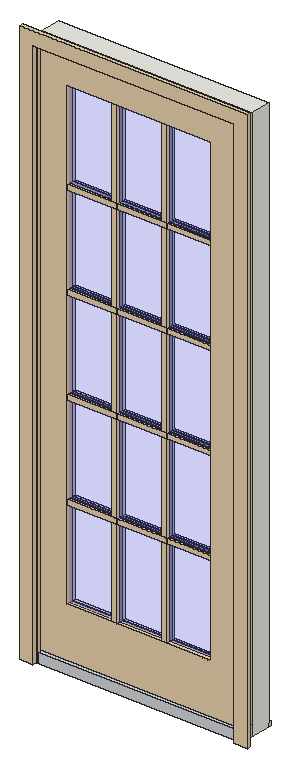
Revit family "Door-Inswing-Andersen-A_Series-Single 3", category Doors, host Wall, Revit 2013
Parameters
  Visual Light Transmittance = 0.37  # constant formula
  Type Comments = "Fiberglass-clad and Flexacron finished wood single door"  # constant formula
  Thermal Resistance (R) = 0.58703  # 3.3333 (h·ft²·°F)/BTU
  Solar Heat Gain Coefficient = 0.16  # constant formula
  Rough Width = Width + (Rough Opening Offset * 2)  # 3' - 0.781"
  Rough Height = if(1 > 0, Height + 0' 0 1/2", 0' 0")  # 8' - 0 1/2"
  Learn About These Parameters = ""
  Heat Transfer Coefficient (U) = 1.7035  # 0.3000 BTU/(h·ft²·°F)
  Grille Bar Sizes = "3/4'', 7/8'', 1 1/8'', 2 1/4''"  # constant formula
  Between Glass Grille Bar Sizes = "3/4'', 1''"  # constant formula
  Interior Trim Visibility = yes
  Grille Bar Size = 0' - 0 7/8"
  Enter Pattern Number = 1
  Analytic Construction = "<None>"
  ..Pattern Number 1 = "Colonial"  # constant formula
  . . Lights Wide = 3
  . . Lights High = 5
  ..Pattern Number 2 = "Modified Colonial"  # constant formula
  ..Pattern Number 3 = "Prairie"  # constant formula
  ..Pattern Number 4 = "Short Fractional"  # constant formula
  ..Pattern Number 5 = "Tall Fractional"  # constant formula
  Extension Jamb Visibility = yes
  Enter Exterior Trim Number = 0
  ..Exterior Trim Number 0 = "No Exterior Trim"  # constant formula
  ..Exterior Trim Number 1 = "Brick Mould"  # constant formula
  ..Exterior Trim Number 2 = "3 1/2'' Flat Casing"  # constant formula
  ..Exterior Trim Number 3 = "4 1/2'' Flat Casing"  # constant formula
  Interior Grille Bar Visibility = yes
  Exterior Grille Bar Visibility = yes
  Between Glass Grille Bar Visibility = yes
  xjamb Visibility [instance] = and(Extension Jamb Visibility, or(and(Wall Depth > 0' 4 9/16", Wall Depth < 0' 6 9/16"), Wall Depth > 0' 6 9/16"))  # no
  xjamb S1 [instance] = if(Wall Depth < 0' 4 5/8", 0' 0 1/16", if(Wall Depth = 0' 6 9/16", 0' 0 1/16", 0' 0"))  # 0' - 0 1/16"
  casingS2 = if(Enter Exterior Trim Number = 1, 0' 0 3/16", 0' 0 3/16")  # 0' - 0 3/16"
  casingS1 = if(Enter Exterior Trim Number = 1, 0' 0 7/16", 0' 0 3/16")  # 0' - 0 3/16"
  casing4 = if(Enter Exterior Trim Number = 1, 0' 1 3/4", if(Enter Exterior Trim Number = 2, 0' 3 1/4", 0' 4 1/4"))  # 0' - 4 1/4"
  casing3 = 0' - 0 1/2"  # constant formula
  casing2 = 0' - 0 7/8"  # constant formula
  casing1 = 0' - 0 1/4"  # constant formula
  Wall Thickness [instance] = 0' - 8"
  Wall Depth [instance] = 0' - 4 9/16"
  Void Offset 1 [instance] = if(Enter Exterior Trim Number > 0, casing4, 0' 0")  # 0' - 0"
  Void Depth [instance] = if(Wall Thickness > Wall Depth, 0' 1" + Wall Thickness - Wall Depth, 0' 1")  # 0' - 4 7/16"
  VGB DLO = if(Enter Pattern Number = 3, 0' 4", (H DLO - (Grille Bar Size * (V Bars))) / if(LWide > 2, LWide, 3))  # 0' - 7.677"
  V Bars = if(Enter Pattern Number = 3, 2, if(LWide > 2, LWide - 1, 2))  # 2
  URL = "www.andersenwindows.com"
  TS V DLO = Height - HGO - SGO  # 6' - 7 7/8"
  TS V Bar Length = if(or(Enter Pattern Number = 5, Enter Pattern Number = 2), ((((Height - HGO - SGO - (Grille Bar Size * (Fractional Lights High - 1))) / Fractional Lights High)) * TFL) + (TFB * Grille Bar Size), if(Enter Pattern Number = 4, ((Height - HGO - SGO - (Grille Bar Size * (Fractional Lights High - 1))) / Fractional Lights High), Height - HGO - SGO))  # 6' - 7 7/8"
  TS SH DLO = if(or(Enter Pattern Number = 5, Enter Pattern Number = 2), ((((Height - HGO - SGO - (Grille Bar Size * (Fractional Lights High - 1))) / Fractional Lights High)) * TFL) + (TFB * Grille Bar Size) + HGO + (Grille Bar Size / 2), if(Enter Pattern Number = 4, TS V Bar Length + HGO + (Grille Bar Size / 2), (TS V DLO / 2) + HGO))  # 3' - 9 9/16"
  TS S V = or(and(LWide = 2, Enter Pattern Number = 1), and(Fractional Lights Wide = 2, or(or(Enter Pattern Number = 2, Enter Pattern Number = 4), Enter Pattern Number = 5)))  # no
  TS S H Craftsman = and(Enter Pattern Number = 2, or(Fractional Lights High = 4, Fractional Lights High = 5))  # no
  TS S H = or(or(or(and(. . Lights High = 2, Enter Pattern Number = 1), and(Enter Pattern Number = 4, Fractional Lights High > 1)), and(Enter Pattern Number = 5, Fractional Lights High > 1)), and(Enter Pattern Number = 2, Fractional Lights High > 1))  # no
  TS M V = or(or(or(or(or(and(LWide > 2, Enter Pattern Number = 1), and(LWide > 2, Enter Pattern Number = 2)), Enter Pattern Number = 3), Enter Pattern Number = 4), Enter Pattern Number = 5), and(LWide > 2, Enter Pattern Number = 6))  # yes
  TS M H = or(or(Enter Pattern Number = 3, and(. . Lights High > 2, Enter Pattern Number = 1)), and(Enter Pattern Number = 2, Fractional Lights High > 5))  # yes
  TS HGB DLO = if(Enter Pattern Number = 1, if(. . Lights High > 2, ((TS V Bar Length - (Grille Bar Size * (. . Lights High - 1))) / . . Lights High), 0' 4"), if(Enter Pattern Number = 3, 0' 4", if(Fractional Lights High > 2, ((TS V Bar Length - (Grille Bar Size * 2)) / 3), 0' 4")))  # 1' - 3.275"
  TS H Bars = if(Enter Pattern Number = 3, 2, if(Enter Pattern Number = 1, if(. . Lights High > 2, . . Lights High - 1, 2), 2))  # 4
  TFL = if(Fractional Lights High > 5, 3, if(or(Fractional Lights High = 4, Fractional Lights High = 5), 2, if(or(Fractional Lights High = 2, Fractional Lights High = 3), 1, 1)))  # 3
  TFB = TFL - 1  # 2
  Sill Interior Offset [instance] = 0' - 0"  # constant formula
  Sill Height [instance] = 0' - 1 11/16"  # constant formula
  Rough Opening Offset = 0' - 0 3/8"
  Panel Bottom Inset [instance] = 0' - 1 7/8"  # constant formula
  Sill Depth [instance] = 0' - 6 7/32"  # constant formula
  SGO = 0' - 10 1/2"  # constant formula
  Product Documentation Link = "http://www.andersenwindows.com/products/a-series-hinged-patio-door/"
  Panel Width = Width - 0' 1 3/16" - 0' 1 3/16"  # 2' - 9.656"
  Panel Height [instance] = CTRL Height - 0' 1 3/16" - Panel Bottom Inset  # 7' - 8 15/16"
  Nail Fin Visibility = Enter Exterior Trim Number = 0  # yes
  Model = "A-Series"  # constant formula
  Masonry Width = if(Enter Exterior Trim Number > 0, Width + ((casing4 + Masonry Opening Offset) * 2), Width + (Masonry Opening Offset * 2))  # 3' - 0.781"
  Masonry Opening Offset = 0' - 0 3/8"
  Masonry Height = if(Enter Exterior Trim Number > 0, Height + (casing4 + 0' 0 1/2"), Height + 0' 0 1/2")  # 8' - 0 1/2"
  Manufacturer = "Andersen Corporation"  # constant formula
  LWide = if(Enter Pattern Number = 3, 3, if(Enter Pattern Number = 1, . . Lights Wide, Fractional Lights Wide))  # 3
  JGO = 0' - 5 5/8"  # constant formula
  Is Outswing = 1 = 1  # yes
  Interior Unit Finish = Wood - Andersen - Pine
  Interior Trim Size = 0' - 2 1/4"
  HGO = 0' - 5 5/8"  # constant formula
  H DLO = Width - (JGO * 2)  # 2' - 0.781"
  Glazing Material = Glass ‐ Andersen - Low-E4 SmartSun
  Function = Exterior
  Height = 8' - 0"
  Wall Closure = By host
  Width = 3' - 0.031"
  Frame Interior Inset [instance] = 0' - 0"  # constant formula
  Frame Depth [instance] = if(Wall Depth > 0' 6 1/2", 0' 7 7/8", 0' 5 7/8")  # 0' - 5 7/8"
  Fractional Lights Wide = 4
  Fractional Lights High = 6
  Family Version = "01.01.15"  # constant formula
  Exterior Unit Finish = Fiberglass - Andersen - White
  Exterior Trim Finish = Fibrex Composite - Andersen - White
  Designation = "FWHID"
  Description = "Fiberglass-clad and Flexacron finished wood single door"  # constant formula
  Coarse Plan [instance] = if(Wall Depth > Wall Thickness, Wall Thickness, Wall Depth)  # 0' - 4 9/16"
  Casing Visibility [instance] = Enter Exterior Trim Number > 0  # no
  CTRL Height [instance] = Height  # 8' - 0"
  Between Glass Grille Bar Finish = Stainless Steel - Andersen - Standard
  BS V DLO = Height - HGO - SGO  # 6' - 7 7/8"
  BS SH DLO = if(Enter Pattern Number = 5, SGO + 0' 4" + (Grille Bar Size / 2), (BS V DLO / 2) + SGO)  # 4' - 2 7/16"
  BS S V = and(LWide = 2, Enter Pattern Number = 1)  # no
  BS M V = or(or(and(LWide > 2, Enter Pattern Number = 1), Enter Pattern Number = 3), Enter Pattern Number = 5)  # yes
  Assembly Code = "B2030100"
Reference planes (in)
  plane 1 "Center (Front/Back)": y = 0
  plane 2 "Center (Left/Right)": x = 0
  plane 3 "R Frame": x = -18.0155
  plane 4 "L Frame": x = 18.0155
  plane 5 "T Frame": z = 96
  plane 6 "Wall S1": y = 4
  plane 7 "Wall S2": y = -4
  plane 8 "Interior Casing": y = -4.625
  plane 9 "Frame S2": y = -4
  plane 10 "Flange": y = 0.5625
  plane 11 "Casing S2": y = 2.0625
  plane 12 "Casing S1": y = 2.0625
  plane 13 "Exterior Offset": y = 5
  plane 14 "R Rough Opening": x = -18.3905
  plane 15 "R Casing 1": x = -17.7655
  plane 16 "R Casing 2": x = -21.3905
  plane 17 "R Casing 3": x = -21.7655
  plane 18 "R Casing 4": x = -22.2655
  plane 19 "R Masonry Opening": x = -18.3905
  plane 20 "L Masonry Opening": x = 18.3905
  plane 21 "L Casing 4": x = 22.2655
  plane 22 "L Casing 3": x = 21.7655
  plane 23 "L Casing 2": x = 21.3905
  plane 24 "L Casing 1": x = 17.7655
  plane 25 "L Rough Opening": x = 18.3905
  plane 26 "T Rough Opening": z = 96.5
  plane 27 "T Casing 1": z = 95.75
  plane 28 "T Casing 2": z = 99.375
  plane 29 "T Casing 3": z = 99.75
  plane 30 "T Casing 4": z = 100.25
  plane 31 "T Masonry Opening": z = 96.5
  plane 32 "R Int Casing": x = -19.5155
  plane 33 "R Xjamb 2": x = -17.8905
  plane 34 "R Ext Frame": x = -17.2655
  plane 35 "L Int Casing": x = 19.5155
  plane 36 "L Xjamb 2": x = 17.8905
  plane 37 "L Ext Frame": x = 17.2655
  plane 38 "T Int Casing": z = 97.5
  plane 39 "T Xjamb 2": z = 95.875
  plane 40 "T Ext Frame": z = 95.25
  plane 41 "L Panel": x = 16.828
  plane 42 "R Panel": x = -16.828
  plane 43 "T Panel": z = 94.8125
  plane 44 "B Panel": z = 1.875
  plane 45 "B Glazing": z = 10.5
  plane 46 "T Glazing": z = 90.375
  plane 47 "L Glazing": x = 12.3905
  plane 48 "R Glazing": x = -12.3905
  plane 49 "Panel1 S1": y = -1.81238
  plane 50 "Panel1 S2": y = -3.53138
  plane 51 "Xjamb S1": y = -3.9375
  plane 52 "Frame S1": y = 1.875
  plane 53 "L Stop": x = 15.91071
  plane 54 "R Stop": x = -15.91071
  plane 55 "T Stop": z = 93.90223
  plane 56 "Sill Height": z = 1.6875
  plane 57 "Glass1 S1": y = -2.22528
  plane 58 "Glass1 S3": y = -2.86638
  plane 59 "Glass1 S2": y = -2.35028
  plane 60 "Glass1 S4": y = -2.99138
  plane 61 "Vert Bar length": z = 10.5
  plane 62 "L Xjamb 1": x = 17.2655
  plane 63 "R Xjamb S1": x = -17.2655
  plane 64 "T Xjamb S1": z = 95.25
  plane 65 "R Int Frame": x = -16.98425
  plane 66 "L Int Frame": x = 16.98425
  plane 67 "Frame S1.1": y = 0.6795
  plane 68 "Int Stop": y = -3.80858
  plane 69 "T Int Frame": z = 94.96875
  plane 70 "B Ext Frame": z = 0.748
  plane 71 "B Stop": z = 2.45642
  plane 72 "Sill S1": y = 2.205
  plane 73 "Handing": z = 48.34375
  plane 74 "R Ext Frame 2": x = -16.7655
  plane 75 "Stop S1": y = -1.1565
  plane 76 "L Ext Frame 2": x = 16.7655
  plane 77 "T Ext Frame 2": z = 94.75
Forms (in)
  Extrusion 1, void
    sketch origin (0, 0, 0) x (1, 0, 0) y (0, 0, 1)
      loop
        line (18.0155, 96) -> (-18.0155, 96) -> (-18.0155, 0) -> (18.0155, 0) -> (18.0155, 96)
    from -0.5625 to 4
  Extrusion 2, void
    sketch origin (0, 0, 0) x (1, 0, 0) y (0, 0, 1)
      loop
        line (18.0155, 96) -> (-18.0155, 96) -> (-18.0155, 0) -> (18.0155, 0) -> (18.0155, 96)
    from -30 to -0.5625
  Sweep 3, solid, material "Fibrex Composite - Andersen - White" <- "Exterior Trim Finish", visible <- "Casing Visibility", detail levels medium+fine
    path origin (0, 0.5625, 0) x (-1, 0, 0) y (0, 0, 1)
      loop
        line (-22.2655, 0) -> (-22.2655, 100.25) -> (22.2655, 100.25) -> (22.2655, 0)
    profile origin (22.2655, 0.5625, 50.125) x (1, 0, 0) y (0, 1, 0)
      loop
        line (-0.875, 1.5) -> (-4.5, 1.5) -> (-4.5, 0) -> (0, 0) -> (0, 1.5) -> (-0.5, 1.5) -> (-0.875, 1.5)
  Extrusion 4, solid, material "Fibrex Composite - Andersen - White" <- "Exterior Trim Finish", visible <- "Casing Visibility", detail levels coarse
    sketch origin (0, 0.5625, 0) x (-1, 0, 0) y (0, 0, 1)
      loop
        line (-17.7655, 95.75) -> (17.7655, 95.75) -> (17.7655, 0) -> (22.2655, 0) -> (22.2655, 100.25) -> (-22.2655, 100.25) -> (-22.2655, 0) -> (-17.7655, 0) -> (-17.7655, 95.75)
    from 0 to 1.4375
  Extrusion 5, solid, material "Wood - Andersen - Pine" <- "Interior Unit Finish", visible <- "Interior Trim Visibility", detail levels fine
    sketch origin (0, 0, 0) x (1, 0, 0) y (0, 0, 1)
      loop
        line (-17.2655, 95.25) -> (17.2655, 95.25) -> (17.2655, 0) -> (19.5155, 0) -> (19.5155, 97.5) -> (-19.5155, 97.5) -> (-19.5155, 0) -> (-17.2655, 0) -> (-17.2655, 95.25)
    from 4 to 4.625
  Extrusion 6, solid, material "Wood - Andersen - Pine" <- "Interior Unit Finish", visible <- "xjamb Visibility", detail levels medium+fine
    sketch origin (0, 0, 0) x (1, 0, 0) y (0, 0, 1)
      loop
        line (-17.8905, 0) -> (-17.2655, 0) -> (-17.2655, 95.25) -> (17.2655, 95.25) -> (17.2655, 0) -> (17.8905, 0) -> (17.8905, 95.875) -> (-17.8905, 95.875) -> (-17.8905, 0)
    from 3.9375 to 4
  Sweep 7, void
    path origin (4.25, 0.5625, 0) x (-1, 0, 0) y (0, 0, 1)
      loop
        line (4.25, 0) -> (4.25, 10.5)
    profile origin (0, 0.5625, 5.25) x (1, 0, 0) y (0, 1, 0)
      loop
        line (18.0155, -2.37488) -> (18.0155, 1.3125) -> (17.2655, 1.3125) -> (17.2655, 0.117) -> (16.7655, 0.117) -> (16.7655, -1.719) -> (15.91071, -1.719) -> (15.91071, -2.37488) -> (18.0155, -2.37488)
      loop
        line (-18.0155, -2.37488) -> (-15.91071, -2.37488) -> (-15.91071, -1.719) -> (-16.7655, -1.719) -> (-16.7655, 0.117) -> (-17.2655, 0.117) -> (-17.2655, 1.3125) -> (-18.0155, 1.3125) -> (-18.0155, -2.37488)
  Sweep 8, solid, material "Fiberglass - Andersen - White" <- "Exterior Unit Finish", detail levels medium+fine
    path in 3D
      loop
        line (18.0155, 0.5625, 0) -> (18.0155, 0.5625, 96) -> (-18.0155, 0.5625, 96) -> (-18.0155, 0.5625, 0)
    profile origin (18.0155, 0.5625, 48) x (1, 0, 0) y (0, 1, 0)
      loop
        line (0, 1.3125) -> (-0.75, 1.3125) -> (-0.75, 0.117) -> (-1.25, 0.117) -> (-1.25, -1.719) -> (-2.10479, -1.719) -> (-2.10479, -2.37488) -> (0, -2.37488) -> (0, 1.3125)
  Sweep 9, solid, material "Wood - Andersen - Pine" <- "Interior Unit Finish"
    path in 3D
      loop
        line (18.0155, 0.5625, 0) -> (18.0155, 0.5625, 96) -> (-18.0155, 0.5625, 96) -> (-18.0155, 0.5625, 0)
    profile origin (18.0155, 0.5625, 48) x (1, 0, 0) y (0, 1, 0)
      loop
        line (0, -2.37488) -> (-1.03125, -2.37488) -> (-1.03125, -4.5625) -> (0, -4.5625) -> (0, -2.37488)
  Extrusion 10, solid, material "Fiberglass - Andersen - White" <- "Exterior Unit Finish"
    sketch origin (0, 0.5625, 0) x (-1, 0, 0) y (0, 0, 1)
      loop
        line (-16.828, 94.8125) -> (-16.828, 1.875) -> (16.828, 1.875) -> (16.828, 94.8125) -> (-16.828, 94.8125)
      loop
        line (-12.3905, 90.375) -> (-12.3905, 10.5) -> (12.3905, 10.5) -> (12.3905, 90.375) -> (-12.3905, 90.375)
    from -2.78778 to -2.37488
  Extrusion 11, solid, material "Wood - Andersen - Pine" <- "Interior Unit Finish"
    sketch origin (0, 0.5625, 0) x (-1, 0, 0) y (0, 0, 1)
      loop
        line (-16.828, 94.8125) -> (-16.828, 1.875) -> (16.828, 1.875) -> (16.828, 94.8125) -> (-16.828, 94.8125)
      loop
        line (-12.3905, 90.375) -> (-12.3905, 10.5) -> (12.3905, 10.5) -> (12.3905, 90.375) -> (-12.3905, 90.375)
    from -4.09388 to -2.78778
  Extrusion 12, solid, material "Glass ‐ Andersen - Low-E4 SmartSun" <- "Glazing Material"
    sketch origin (0, 0.5625, 0) x (-1, 0, 0) y (0, 0, 1)
      loop
        line (-12.3905, 90.375) -> (-12.3905, 10.5) -> (12.3905, 10.5) -> (12.3905, 90.375) -> (-12.3905, 90.375)
    from -3.55388 to -2.78778
  Extrusion 13, solid, detail levels coarse
    sketch origin (0, 0, 0) x (0, 1, 0) y (0, 0, 1)
      loop
        line (1.875, 1.875) -> (-2.22528, 1.875) -> (-2.22528, 0) -> (1.875, 0) -> (1.875, 1.875)
    from -18.0155 to 18.0155
  Extrusion 14, solid, detail levels medium+fine
    sketch origin (0, 0, 0) x (0, 1, 0) y (0, 0, 1)
      loop
        line (2.205, 0.748) -> (0.6795, 0.748) -> (0.6795, 1.6875) -> (-1.81238, 1.6875) -> (-1.81238, 1.875) -> (-2.22528, 1.875) -> (-2.22528, 0) -> (2.205, 0) -> (2.205, 0.748)
    from -18.0155 to 18.0155
  Extrusion 15, solid
    sketch origin (0, 0, 0) x (0, 1, 0) y (0, 0, 1)
      loop
        line (-2.22528, 1.6875) -> (-4, 1.6875) -> (-4, 0) -> (-2.22528, 0) -> (-2.22528, 1.6875)
    from -18.0155 to 18.0155
  Extrusion 16, solid, material "Fiberglass - Andersen - White" <- "Exterior Unit Finish", detail levels coarse
    sketch origin (0, 0.5625, 0) x (-1, 0, 0) y (0, 0, 1)
      loop
        line (-18.0155, 96) -> (-18.0155, 1.875) -> (-15.91071, 1.875) -> (-15.91071, 93.90223) -> (15.91071, 93.90223) -> (15.91071, 1.875) -> (18.0155, 1.875) -> (18.0155, 96) -> (-18.0155, 96)
    from -2.37488 to 1.3125
Cuts and joins
  Sweep 7 cuts Extrusion 14
Lines and regions (in)
  Masking region 1, visible <- "Casing Visibility"
    outline origin (0, 0, 0) x (0, 1, 0) y (0, 0, 1)
      loop
        line (0.5625, 96) -> (1.875, 96) -> (1.875, 0) -> (2.0625, 0) -> (2.0625, 100.25) -> (0.5625, 100.25) -> (0.5625, 96)
  Masking region 2
    outline origin (0, 0, 0) x (0, 1, 0) y (0, 0, 1)
      loop
        line (1.875, 96) -> (-4, 96) -> (-4, 0) -> (2.205, 0) -> (2.205, 0.748) -> (1.875, 0.748) -> (1.875, 96)
  Masking region 3, visible <- "Casing Visibility", detail levels fine
    outline origin (0, 0, 0) x (1, 0, 0) y (0, 1, 0)
      loop
        line (-21.7655, 2.0625) -> (-22.2655, 2.0625) -> (-22.2655, 0.5625) -> (-18.0155, 0.5625) -> (-18.0155, 1.875) -> (-17.7655, 1.875) -> (-17.7655, 2.0625) -> (-21.3905, 2.0625) -> (-21.7655, 2.0625)
  Masking region 4, visible <- "Casing Visibility", detail levels fine
    outline origin (0, 0, 0) x (1, 0, 0) y (0, 1, 0)
      loop
        line (21.7655, 2.0625) -> (21.3905, 2.0625) -> (17.7655, 2.0625) -> (17.7655, 1.875) -> (18.0155, 1.875) -> (18.0155, 0.5625) -> (22.2655, 0.5625) -> (22.2655, 2.0625) -> (21.7655, 2.0625)
  Masking region 5, visible <- "Casing Visibility", detail levels coarse+medium
    outline origin (0, 0, 0) x (1, 0, 0) y (0, 1, 0)
      loop
        line (-22.2655, 2.0625) -> (-22.2655, 0.5625) -> (-18.0155, 0.5625) -> (-18.0155, 2.0625) -> (-22.2655, 2.0625)
  Masking region 6, visible <- "Casing Visibility", detail levels coarse+medium
    outline origin (0, 0, 0) x (1, 0, 0) y (0, 1, 0)
      loop
        line (18.0155, 2.0625) -> (18.0155, 0.5625) -> (22.2655, 0.5625) -> (22.2655, 2.0625) -> (18.0155, 2.0625)
  Masking region 7, visible <- "Casing Visibility"
    outline origin (0, 2.625, 0) x (-1, 0, 0) y (0, 0, 1)
      loop
        line (-22.2655, 100.25) -> (-22.2655, 0) -> (-18.0155, 0) -> (-18.0155, 96) -> (18.0155, 96) -> (18.0155, 0) -> (22.2655, 0) -> (22.2655, 100.25) -> (-22.2655, 100.25)
  Masking region 8, visible <- "Interior Trim Visibility", detail levels fine
    outline origin (0, -4.625, 0) x (-1, 0, 0) y (0, 0, 1)
      loop
        line (-19.5155, 97.5) -> (-19.5155, 0) -> (-17.2655, 0) -> (-17.2655, 95.25) -> (17.2655, 95.25) -> (17.2655, 0) -> (19.5155, 0) -> (19.5155, 97.5) -> (-19.5155, 97.5)
  Masking region 9
    outline origin (0, 0.6795, 0) x (-1, 0, 0) y (0, 0, 1)
      loop
        line (-18.0155, 96) -> (-18.0155, 0) -> (18.0155, 0) -> (18.0155, 96) -> (-18.0155, 96)
      loop
        line (-16.828, 94.8125) -> (-16.828, 1.875) -> (16.828, 1.875) -> (16.828, 94.8125) -> (-16.828, 94.8125)
  Masking region 10, not visible
    outline origin (0, 0.5625, 0) x (-1, 0, 0) y (0, 0, 1)
      loop
        line (-16.828, 94.8125) -> (-16.828, 1.875) -> (16.828, 1.875) -> (16.828, 94.8125) -> (-16.828, 94.8125)
  Masking region 11, visible <- "Interior Trim Visibility", detail levels fine
    outline origin (0, 0, 0) x (1, 0, 0) y (0, 1, 0)
      loop
        line (-19.5155, -4) -> (-19.5155, -4.625) -> (-17.2655, -4.625) -> (-17.2655, -4) -> (-19.5155, -4)
  Masking region 12, visible <- "xjamb Visibility", detail levels medium+fine
    outline origin (0, 0, 0) x (1, 0, 0) y (0, 1, 0)
      loop
        line (-17.8905, -3.9375) -> (-17.8905, -4) -> (-17.2655, -4) -> (-17.2655, -3.9375) -> (-17.8905, -3.9375)
  Masking region 13, visible <- "Interior Trim Visibility", detail levels fine
    outline origin (0, 0, 0) x (1, 0, 0) y (0, 1, 0)
      loop
        line (17.2655, -4) -> (17.2655, -4.625) -> (19.5155, -4.625) -> (19.5155, -4) -> (17.2655, -4)
  Masking region 14, visible <- "xjamb Visibility", detail levels medium+fine
    outline origin (0, 0, 0) x (1, 0, 0) y (0, 1, 0)
      loop
        line (17.2655, -3.9375) -> (17.2655, -4) -> (17.8905, -4) -> (17.8905, -3.9375) -> (17.2655, -3.9375)
  Masking region 15, visible <- "xjamb Visibility", detail levels medium+fine
    outline origin (0, 0, 0) x (0, 1, 0) y (0, 0, 1)
      loop
        line (-3.9375, 95.875) -> (-4, 95.875) -> (-4, 0) -> (-3.9375, 0) -> (-3.9375, 95.875)
  Masking region 16, visible <- "Interior Trim Visibility", detail levels fine
    outline origin (0, 0, 0) x (0, 1, 0) y (0, 0, 1)
      loop
        line (-4, 97.5) -> (-4.625, 97.5) -> (-4.625, 0) -> (-4, 0) -> (-4, 97.5)
  Masking region 17
    outline origin (0, 0, 0) x (1, 0, 0) y (0, 1, 0)
      loop
        line (-18.0155, 1.875) -> (-18.0155, -4) -> (18.0155, -4) -> (18.0155, 1.875) -> (-18.0155, 1.875)
  symbolic lines, style "DoorsFrameMullionProjection", visible <- "Casing Visibility", detail levels medium+fine
    curve 1: line (0, 2.0625, 99.75) -> (0, 2.0625, 99.375)
    curve 2: line (0, 2.0625, 99.375) -> (0, 2.0625, 95.75)
    curve 3: line (0, 2.0625, 95.75) -> (0, 1.875, 95.75)
  symbolic lines, style "DoorsFrameMullionProjection", detail levels coarse
    curve 4: line (0, 1.875, 96) -> (0, 2.0625, 96)
    curve 68: line (-16.98425, 1.875, 0) -> (-16.98425, -4, 0)
    curve 69: line (16.98425, 1.875, 0) -> (16.98425, -4, 0)
  symbolic lines, style "DoorsFrameMullionProjection", visible <- "Nail Fin Visibility", detail levels medium+fine
    curve 5: line (19.6405, 0.5625, 0) -> (18.0155, 0.5625, 0)
    curve 6: line (0, 0.5625, 96.34025) -> (0, 0.5625, 96)
  symbolic lines, style "DoorsGlassProjection", detail levels fine
    curve 7: line (0, -2.86638, 10.5) -> (0, -2.86638, 90.375)
    curve 8: line (0, -2.35028, 10.5) -> (0, -2.35028, 90.375)
    curve 11: line (12.3905, -2.35028, 0) -> (-12.3905, -2.35028, 0)
    curve 12: line (12.3905, -2.86638, 0) -> (-12.3905, -2.86638, 0)
    curve 79: line (-13.156, -2.86588, 0) -> (-12.3905, -2.86588, 0)
    curve 80: line (-12.3905, -2.34978, 0) -> (-13.156, -2.34978, 0)
    curve 81: line (-12.5155, -2.34978, 0) -> (-12.5155, -2.86588, 0)
    curve 106: line (13.156, -2.86588, 0) -> (12.3905, -2.86588, 0)
    curve 107: line (12.3905, -2.34978, 0) -> (13.156, -2.34978, 0)
    curve 108: line (12.5155, -2.34978, 0) -> (12.5155, -2.86588, 0)
    curve 120: line (0, -2.86588, 90.5) -> (0, -2.34978, 90.5)
    curve 121: line (0, -2.86588, 91.125) -> (0, -2.86588, 90.375)
    curve 122: line (0, -2.34978, 91.125) -> (0, -2.34978, 90.375)
    curve 149: line (0, -2.86713, 10.375) -> (0, -2.35104, 10.375)
    curve 150: line (0, -2.86713, 9.75) -> (0, -2.86713, 10.5)
    curve 151: line (0, -2.35104, 9.75) -> (0, -2.35104, 10.5)
  symbolic lines, style "DoorsGlassProjection"
    curve 9: line (0, -2.99138, 10.5) -> (0, -2.99138, 90.375)
    curve 10: line (0, -2.22528, 10.5) -> (0, -2.22528, 90.375)
  symbolic lines, style "DoorsGlassProjection", detail levels medium+fine
    curve 13: line (12.3905, -2.22528, 0) -> (-12.3905, -2.22528, 0)
    curve 14: line (12.3905, -2.99138, 0) -> (-12.3905, -2.99138, 0)
  symbolic lines, style "DoorsPanelProjection"
    curve 15: line (12.3905, -1.81238, 90.375) -> (-12.3905, -1.81238, 90.375)
    curve 16: line (12.3905, -1.81238, 10.5) -> (12.3905, -1.81238, 90.375)
    curve 17: line (-12.3905, -1.81238, 10.5) -> (12.3905, -1.81238, 10.5)
    curve 18: line (-12.3905, -1.81238, 90.375) -> (-12.3905, -1.81238, 10.5)
  symbolic lines, style "DoorsFrameMullionProjection", visible <- "xjamb Visibility", detail levels medium+fine
    curve 19: line (0, -3.9375, 95.25) -> (0, -4, 95.25)
  symbolic lines, style "DoorsFrameMullionProjection", visible <- "Interior Trim Visibility", detail levels fine
    curve 20: line (0, -4, 95.25) -> (0, -4.625, 95.25)
  symbolic lines, style "DoorsFrameMullionProjection"
    curve 21: line (0, 0.5625, 97.625) -> (0, 0.5625, 96)
    curve 22: line (0, 1.5605, 95.516) -> (0, 1.8745, 95.516)
    curve 23: line (0, 1.5605, 95.25) -> (0, 1.5605, 95.516)
    curve 24: line (0, 1.5605, 95.25) -> (0, 0.6795, 95.25)
    curve 25: line (0, 0.6795, 94.75) -> (0, 0.6795, 95.25)
    curve 31: line (0, 0.68037, 0.8279) -> (0, 2.205, 0.748)
    curve 32: line (0, 2.205, 0.748) -> (0, 2.205, 0)
    curve 66: line (-16.98425, -1.81238, 0) -> (16.98425, -1.81238, 0)
    curve 67: line (-16.98425, -3.53138, 0) -> (16.98425, -3.53138, 0)
    curve 70: line (0, -1.81238, 93.90223) -> (0, -1.81238, 2.45642)
    curve 71: line (0, -3.53138, 94.96875) -> (0, -3.53138, 1.6875)
    curve 123: line (0, -4, 94.96875) -> (0, -1.81178, 94.96875)
    curve 124: line (0, -1.81178, 93.90223) -> (0, -1.156, 94.27388)
    curve 125: line (0, -1.81178, 93.90223) -> (0, -1.81178, 94.96875)
    curve 126: line (0, -2.13604, 90.375) -> (0, -1.81188, 90.48508)
    curve 127: line (0, -2.22478, 90.375) -> (0, -2.13604, 90.375)
    curve 128: line (0, -2.22478, 91.125) -> (0, -2.22478, 90.375)
    curve 129: line (0, -3.53088, 91.125) -> (0, -2.22478, 91.125)
    curve 130: line (0, -3.07088, 90.375) -> (0, -2.99088, 90.375)
    curve 131: line (0, -3.53088, 90.766) -> (0, -3.07088, 90.375)
    curve 132: line (0, -2.99088, 90.375) -> (0, -2.99088, 91.125)
    curve 133: line (0, -1.156, 94.27388) -> (0, -1.156, 94.75)
    curve 148: line (0, 0.6795, 94.75) -> (0, -1.1565, 94.75)
    curve 152: line (0, -4, 0) -> (0, -4, 1.6875)
    curve 153: line (0, -4, 1.6875) -> (0, -2.218, 1.6875)
    curve 154: line (0, -2.218, 1.6875) -> (0, -2.218, 2.45642)
    curve 155: line (0, -2.218, 2.15538) -> (0, -1.93822, 2.15538)
    curve 156: line (0, -1.93822, 2.15538) -> (0, -1.77973, 1.55005)
    curve 157: line (0, -1.81228, 2.45642) -> (0, -2.218, 2.45642)
    curve 158: line (0, -2.13679, 10.5) -> (0, -1.81263, 10.38992)
    curve 159: line (0, -2.22554, 10.5) -> (0, -2.13679, 10.5)
    curve 160: line (0, -2.22554, 9.75) -> (0, -2.22554, 10.5)
    curve 161: line (0, -3.53213, 9.75) -> (0, -2.22554, 9.75)
    curve 162: line (0, -2.99163, 9.75) -> (0, -2.99163, 10.5)
    curve 163: line (0, -2.99163, 10.5) -> (0, -3.07163, 10.5)
    curve 164: line (0, -3.07163, 10.5) -> (0, -3.53213, 10.10858)
    curve 181: line (0, -1.77973, 1.55005) -> (0, 0.6795, 1.29693)
    curve 182: line (0, 0.6795, 1.29693) -> (0, 0.6795, 0.8279)
  symbolic lines, style "DoorsFrameMullionProjection", not visible
    curve 26: line (0, -7.30228, 74.06559) -> (0, -7.30228, 72.44059)
    curve 27: line (0, -6.30428, 71.95659) -> (0, -5.99028, 71.95659)
    curve 28: line (0, -6.30428, 71.69059) -> (0, -6.30428, 71.95659)
    curve 29: line (0, -6.30428, 71.69059) -> (0, -7.18528, 71.69059)
    curve 30: line (0, -7.18528, 71.19059) -> (0, -7.18528, 71.69059)
    curve 33: line (0, -18.75724, 4.62593) -> (0, -17.23261, 4.54603)
    curve 34: line (0, -17.23261, 4.54603) -> (0, -17.23261, 3.79803)
    curve 137: line (0, -11.0926, 89.4278) -> (0, -8.90438, 89.4278)
    curve 138: line (0, -8.90438, 88.36128) -> (0, -8.2486, 88.73293)
    curve 139: line (0, -8.90438, 88.36128) -> (0, -8.90438, 89.4278)
    curve 140: line (0, -9.22863, 84.83405) -> (0, -8.90447, 84.94413)
    curve 141: line (0, -9.31738, 84.83405) -> (0, -9.22863, 84.83405)
    curve 142: line (0, -9.31738, 85.58405) -> (0, -9.31738, 84.83405)
    curve 143: line (0, -10.62347, 85.58405) -> (0, -9.31738, 85.58405)
    curve 144: line (0, -10.16347, 84.83405) -> (0, -10.08347, 84.83405)
    curve 145: line (0, -10.62347, 85.22505) -> (0, -10.16347, 84.83405)
    curve 146: line (0, -10.08347, 84.83405) -> (0, -10.08347, 85.58405)
    curve 147: line (0, -8.2486, 88.73293) -> (0, -8.2486, 89.20905)
    curve 168: line (0, -12.7448, 3.71195) -> (0, -12.7448, 5.39945)
    curve 169: line (0, -12.7448, 5.39945) -> (0, -10.9628, 5.39945)
    curve 170: line (0, -10.9628, 5.39945) -> (0, -10.9628, 6.16837)
    curve 171: line (0, -10.9628, 5.86733) -> (0, -10.68302, 5.86733)
    curve 172: line (0, -10.68302, 5.86733) -> (0, -10.52452, 5.262)
    curve 173: line (0, -10.55708, 6.16837) -> (0, -10.9628, 6.16837)
    curve 174: line (0, -10.88159, 14.21195) -> (0, -10.55743, 14.10186)
    curve 175: line (0, -10.97033, 14.21195) -> (0, -10.88159, 14.21195)
    curve 176: line (0, -10.97033, 13.46195) -> (0, -10.97033, 14.21195)
    curve 177: line (0, -12.27693, 13.46195) -> (0, -10.97033, 13.46195)
    curve 178: line (0, -11.73643, 13.46195) -> (0, -11.73643, 14.21195)
    curve 179: line (0, -11.73643, 14.21195) -> (0, -11.81643, 14.21195)
    curve 180: line (0, -11.81643, 14.21195) -> (0, -12.27693, 13.82052)
  symbolic lines, style "DoorsFrameMullionProjection", detail levels medium+fine
    curve 35: line (-19.5655, 0.5625, 0) -> (-18.0155, 0.5625, 0)
    curve 43: line (19.5655, 0.5625, 0) -> (18.0155, 0.5625, 0)
    curve 50: line (-16.98425, -1.81238, 0) -> (-16.98425, -4, 0)
    curve 55: line (16.98425, -1.81238, 0) -> (16.98425, -4, 0)
  symbolic lines, style "DoorsFrameMullionProjection", detail levels fine
    curve 36: line (-17.5315, 1.5605, 0) -> (-17.5315, 1.8745, 0)
    curve 37: line (-17.2655, 1.5605, 0) -> (-17.5315, 1.5605, 0)
    curve 38: line (-17.2655, 0.6795, 0) -> (-17.2655, 1.5605, 0)
    curve 44: line (17.5315, 1.5605, 0) -> (17.5315, 1.8745, 0)
    curve 45: line (17.2655, 1.5605, 0) -> (17.5315, 1.5605, 0)
    curve 46: line (17.2655, 0.6795, 0) -> (17.2655, 1.5605, 0)
    curve 74: line (-16.7655, 0.6795, 0) -> (-17.2655, 0.6795, 0)
    curve 76: line (16.7655, 0.6795, 0) -> (17.2655, 0.6795, 0)
    curve 82: line (-15.91071, -1.81188, 0) -> (-16.28938, -1.156, 0)
    curve 83: line (-16.98425, -4, 0) -> (-16.98425, -1.81188, 0)
    curve 84: line (-12.3905, -2.18168, 0) -> (-12.51608, -1.81188, 0)
    curve 85: line (-12.3905, -2.22478, 0) -> (-12.3905, -2.18168, 0)
    curve 86: line (-13.156, -2.22478, 0) -> (-12.3905, -2.22478, 0)
    curve 87: line (-13.156, -3.53088, 0) -> (-13.156, -2.22478, 0)
    curve 88: line (-13.156, -2.99088, 0) -> (-12.3905, -2.99088, 0)
    curve 89: line (-12.3905, -3.05264, 0) -> (-12.797, -3.53088, 0)
    curve 90: line (-12.3905, -2.99088, 0) -> (-12.3905, -3.05264, 0)
    curve 91: line (-16.7655, -1.156, 0) -> (-16.28938, -1.156, 0)
    curve 105: line (-16.7655, 0.6795, 0) -> (-16.7655, -1.1565, 0)
    curve 109: line (15.91071, -1.81188, 0) -> (16.28938, -1.156, 0)
    curve 110: line (16.98425, -4, 0) -> (16.98425, -1.81188, 0)
    curve 111: line (12.3905, -2.18168, 0) -> (12.51608, -1.81188, 0)
    curve 112: line (12.3905, -2.22478, 0) -> (12.3905, -2.18168, 0)
    curve 113: line (13.156, -2.22478, 0) -> (12.3905, -2.22478, 0)
    curve 114: line (13.156, -3.53088, 0) -> (13.156, -2.22478, 0)
    curve 115: line (13.156, -2.99088, 0) -> (12.3905, -2.99088, 0)
    curve 116: line (12.3905, -3.05264, 0) -> (12.797, -3.53088, 0)
    curve 117: line (12.3905, -2.99088, 0) -> (12.3905, -3.05264, 0)
    curve 118: line (16.7655, -1.156, 0) -> (16.28938, -1.156, 0)
    curve 119: line (16.7655, 0.6795, 0) -> (16.7655, -1.1565, 0)
  symbolic lines, style "DoorsFrameMullionProjection", not visible, detail levels medium+fine
    curve 39: line (29.47212, 10.19686, 0) -> (27.92212, 10.19686, 0)
  symbolic lines, style "DoorsFrameMullionProjection", not visible, detail levels fine
    curve 40: line (27.43812, 11.19486, 0) -> (27.43812, 11.50886, 0)
    curve 41: line (27.17212, 11.19486, 0) -> (27.43812, 11.19486, 0)
    curve 42: line (27.17212, 10.31386, 0) -> (27.17212, 11.19486, 0)
    curve 75: line (26.67212, 10.31386, 0) -> (27.17212, 10.31386, 0)
    curve 95: line (-8.13254, -21.15305, 0) -> (-8.51121, -20.49717, 0)
    curve 96: line (-9.20608, -23.34117, 0) -> (-9.20608, -21.15305, 0)
    curve 97: line (-4.61233, -21.52285, 0) -> (-4.73791, -21.15305, 0)
    curve 98: line (-4.61233, -21.56596, 0) -> (-4.61233, -21.52285, 0)
    curve 99: line (-5.37783, -21.56596, 0) -> (-4.61233, -21.56596, 0)
    curve 100: line (-5.37783, -22.87205, 0) -> (-5.37783, -21.56596, 0)
    curve 101: line (-5.37783, -22.33205, 0) -> (-4.61233, -22.33205, 0)
    curve 102: line (-4.61233, -22.39382, 0) -> (-5.01883, -22.87205, 0)
    curve 103: line (-4.61233, -22.33205, 0) -> (-4.61233, -22.39382, 0)
    curve 104: line (-8.98733, -20.49717, 0) -> (-8.51121, -20.49717, 0)
  symbolic lines, style "DoorsFrameMullionProjection", detail levels medium
    curve 47: line (-16.7655, 1.875, 0) -> (-16.7655, -1.1565, 0)
    curve 48: line (-16.7655, -1.1565, 0) -> (-15.91071, -1.1565, 0)
    curve 49: line (-15.91071, -1.1565, 0) -> (-15.91071, -1.81238, 0)
    curve 51: line (-12.3905, -1.81238, 0) -> (-12.3905, -3.53138, 0)
    curve 52: line (16.7655, 1.875, 0) -> (16.7655, -1.1565, 0)
    curve 53: line (16.7655, -1.1565, 0) -> (15.91071, -1.1565, 0)
    curve 54: line (15.91071, -1.1565, 0) -> (15.91071, -1.81238, 0)
    curve 56: line (12.3905, -1.81238, 0) -> (12.3905, -3.53138, 0)
  model lines, style "InvisibleLines"
    curve 57: line (18.0155, 0.5625, 0) -> (18.0155, 0.5625, 96)
    curve 59: line (-18.0155, 0.5625, 96) -> (-18.0155, 0.5625, 0)
  model lines, style "InvisibleLines", detail levels fine
    curve 58: line (18.0155, 0.5625, 96) -> (-18.0155, 0.5625, 96)
  sketch lines
    curve 60: line (18.0155, 0.5625, 0) -> (18.0155, 0.5625, 96)
    curve 61: line (18.0155, 0.5625, 96) -> (-18.0155, 0.5625, 96)
    curve 62: line (-18.0155, 0.5625, 96) -> (-18.0155, 0.5625, 0)
    curve 63: line (18.0155, 0.5625, 0) -> (18.0155, 0.5625, 96)
    curve 64: line (18.0155, 0.5625, 96) -> (-18.0155, 0.5625, 96)
    curve 65: line (-18.0155, 0.5625, 96) -> (-18.0155, 0.5625, 0)
  symbolic lines, style "Elevation Swing"
    curve 72: line (-16.828, -1.81238, 94.8125) -> (16.828, -1.81238, 48.34375)
    curve 73: line (16.828, -1.81238, 48.34375) -> (-16.828, -1.81238, 1.875)
  symbolic lines, style "Plan Swing"
    curve 77: line (16.828, -3.53138, 0) -> (16.828, -37.18738, 0)
    curve 78: arc (-16.828, -3.53138, 0) -> (-6.97039, -27.32976, 0) -> (16.828, -37.18738, 0) r 33.656
  symbolic lines, style "DoorsGlassProjection", not visible, detail levels fine
    curve 92: line (-5.37783, -22.20705, 0) -> (-4.61233, -22.20705, 0)
    curve 93: line (-4.61233, -21.69096, 0) -> (-5.37783, -21.69096, 0)
    curve 94: line (-4.73733, -21.69096, 0) -> (-4.73733, -22.20705, 0)
    curve 134: line (0, -9.95847, 84.95905) -> (0, -9.44238, 84.95905)
    curve 135: line (0, -9.95847, 85.58405) -> (0, -9.95847, 84.83405)
    curve 136: line (0, -9.44238, 85.58405) -> (0, -9.44238, 84.83405)
    curve 165: line (0, -11.61193, 14.08695) -> (0, -11.09583, 14.08695)
    curve 166: line (0, -11.61193, 13.46195) -> (0, -11.61193, 14.21195)
    curve 167: line (0, -11.09583, 13.46195) -> (0, -11.09583, 14.21195)
Text (in)
  text "Exterior" at (-74.96733, 27.31104, 0), in view "Ref. Level"
  text "Interior" at (-74.96733, -25.14366, 0), in view "Ref. Level"
  text "Exterior" at (0, 40.15149, 123.01588), in view "Right"
  text "Interior" at (0, -64.39139, 123.01588), in view "Right"
  text "Interior" at (0, -31.01599, 123.00693), in view "Left"
  text "Exterior" at (0, 54.57065, 123.00693), in view "Left"
Dimensions and locks (in)
  equal spacing: plane 3 "R Frame", plane 2 "Center (Left/Right)", plane 4 "L Frame"
  "CTRL Height": level to plane 5 "T Frame"
  "Width": plane 3 "R Frame" to plane 4 "L Frame"
  host wall to plane 5 "T Frame" = 8' - 0"
  locked: plane 8 "Interior Casing" to host wall at 0.625
  locked: plane 13 "Exterior Offset" to host wall at 1
  "Void Offset 1": plane 4 "L Frame" to Extrusion 2 sketch curve
  "Void Offset 1": plane 5 "T Frame" to Extrusion 2 sketch curve
  "Void Offset 1": Extrusion 2 sketch curve to plane 3 "R Frame"
  "casing1": plane 24 "L Casing 1" to plane 4 "L Frame"
  "Rough Opening Offset": plane 4 "L Frame" to plane 25 "L Rough Opening"
  "casing4": plane 4 "L Frame" to plane 21 "L Casing 4"
  "casing2": plane 23 "L Casing 2" to plane 21 "L Casing 4"
  "casing3": plane 22 "L Casing 3" to plane 21 "L Casing 4"
  "casing1": plane 3 "R Frame" to plane 15 "R Casing 1"
  "Rough Opening Offset": plane 14 "R Rough Opening" to plane 3 "R Frame"
  "casing4": plane 18 "R Casing 4" to plane 3 "R Frame"
  "casing2": plane 18 "R Casing 4" to plane 16 "R Casing 2"
  "casing3": plane 18 "R Casing 4" to plane 17 "R Casing 3"
  "casing1": plane 27 "T Casing 1" to plane 5 "T Frame"
  "casing4": plane 5 "T Frame" to plane 30 "T Casing 4"
  "casing2": plane 28 "T Casing 2" to plane 30 "T Casing 4"
  "casing3": plane 29 "T Casing 3" to plane 30 "T Casing 4"
  "Interior Trim Size": plane 40 "T Ext Frame" to plane 38 "T Int Casing"
  "xjamb S1": plane 51 "Xjamb S1" to plane 9 "Frame S2"
  "Void Depth": plane 13 "Exterior Offset" to Extrusion 2
  "Wall Thickness": host wall to host wall
  "Wall Depth": host wall to plane 10 "Flange"
  "Frame Depth": plane 52 "Frame S1" to plane 9 "Frame S2"
  "Panel Height": plane 44 "B Panel" to plane 43 "T Panel"
  "Sill Height": level to plane 56 "Sill Height"
  "HGO": plane 46 "T Glazing" to plane 5 "T Frame"
  "SGO": plane 45 "B Glazing" to level
  equal spacing: plane 61 "Vert Bar length", nested 3, plane 46 "T Glazing"
  "TS V Bar Length": plane 61 "Vert Bar length" to plane 46 "T Glazing"
  "JGO": plane 3 "R Frame" to plane 48 "R Glazing"
  "JGO": plane 47 "L Glazing" to plane 4 "L Frame"
  "TS SH DLO": nested 4 to plane 5 "T Frame"
  "casingS1": plane 12 "Casing S1" to plane 52 "Frame S1"
  "casingS2": plane 11 "Casing S2" to plane 52 "Frame S1"
  "Interior Trim Size": plane 62 "L Xjamb 1" to plane 35 "L Int Casing"
  "Interior Trim Size": plane 32 "R Int Casing" to plane 63 "R Xjamb S1"
  locked: plane 52 "Frame S1" to plane 10 "Flange" at 1.3125
  equal spacing: plane 19 "R Masonry Opening", plane 2 "Center (Left/Right)", plane 20 "L Masonry Opening"
  "Masonry Width": plane 19 "R Masonry Opening" to plane 20 "L Masonry Opening"
  "Masonry Height": level to plane 31 "T Masonry Opening"
  locked: plane 3 "R Frame" to plane 33 "R Xjamb 2" at 0.125
  locked: plane 3 "R Frame" to plane 34 "R Ext Frame" at 0.75
  locked: plane 3 "R Frame" to plane 63 "R Xjamb S1" at 0.75
  locked: plane 3 "R Frame" to plane 65 "R Int Frame" at 1.03125
  locked: plane 3 "R Frame" to plane 42 "R Panel" at 1.1875
  locked: plane 3 "R Frame" to plane 54 "R Stop" at 2.10479
  locked: plane 36 "L Xjamb 2" to plane 4 "L Frame" at 0.125
  locked: plane 37 "L Ext Frame" to plane 4 "L Frame" at 0.75
  locked: plane 62 "L Xjamb 1" to plane 4 "L Frame" at 0.75
  locked: plane 66 "L Int Frame" to plane 4 "L Frame" at 1.03125
  locked: plane 41 "L Panel" to plane 4 "L Frame" at 1.1875
  locked: plane 53 "L Stop" to plane 4 "L Frame" at 2.10479
  locked: plane 67 "Frame S1.1" to plane 10 "Flange" at 0.117
  locked: plane 39 "T Xjamb 2" to plane 5 "T Frame" at 0.125
  locked: plane 40 "T Ext Frame" to plane 5 "T Frame" at 0.75
  locked: plane 64 "T Xjamb S1" to plane 5 "T Frame" at 0.75
  locked: plane 69 "T Int Frame" to plane 5 "T Frame" at 1.03125
  locked: plane 43 "T Panel" to plane 5 "T Frame" at 1.1875
  locked: plane 55 "T Stop" to plane 5 "T Frame" at 2.09777
  locked: plane 70 "B Ext Frame" to level at 0.748
  locked: plane 71 "B Stop" to level at 2.45642
  locked: plane 72 "Sill S1" to plane 10 "Flange" at 1.6425
  locked: plane 5 "T Frame" to plane 26 "T Rough Opening" at 0.5
  equal spacing: plane 44 "B Panel", plane 73 "Handing", plane 43 "T Panel"
  locked: plane 3 "R Frame" to plane 74 "R Ext Frame 2" at 1.25
  locked: plane 76 "L Ext Frame 2" to plane 36 "L Xjamb 2" at 1.125
  locked: plane 77 "T Ext Frame 2" to plane 5 "T Frame" at 1.25
  "VGB DLO": nested 2 to plane 47 "L Glazing"
  equal spacing: group 8, group 12, group 13, group 9  (x2)
  equal spacing: group 9, group 13, group 12, group 8
  "TS HGB DLO": nested 5 to plane 46 "T Glazing"
  "TS HGB DLO": plane 61 "Vert Bar length" to nested 6
  "Panel Width": plane 50 "Panel1 S2" to curve 77
  group 11 to group 10 = 0' - 8.552"
  group 10 to group 11 = 0' - 0"  (x2)
  "VGB DLO": plane 48 "R Glazing" to nested 7
  locked: plane 68 "Int Stop" to plane 9 "Frame S2" at 0.19142
  locked: plane 50 "Panel1 S2" to plane 9 "Frame S2" at 0.46862
  locked: plane 60 "Glass1 S4" to plane 9 "Frame S2" at 1.00862
  locked: plane 58 "Glass1 S3" to plane 9 "Frame S2" at 1.13362
  locked: plane 59 "Glass1 S2" to plane 9 "Frame S2" at 1.64972
  locked: plane 57 "Glass1 S1" to plane 9 "Frame S2" at 1.77472
  locked: plane 49 "Panel1 S1" to plane 9 "Frame S2" at 2.18762
  locked: plane 75 "Stop S1" to plane 9 "Frame S2" at 2.8435
  locked: curve 181 to plane 9 "Frame S2" at 2.22027
  locked: curve 181 to level at 1.55005
  "Panel Width": radius of curve 78
  locked: curve 156 to curve 181 (angle 110.549°)
  aligned and locked: plane 6 "Wall S1" to host wall
  aligned and locked: plane 7 "Wall S2" to host wall
  aligned and locked: plane 5 "T Frame" to Extrusion 1 sketch curve
  aligned and locked: plane 4 "L Frame" to Extrusion 1 sketch curve
  aligned and locked: Extrusion 1 sketch curve to plane 3 "R Frame"
  aligned and locked: level to Extrusion 1 sketch curve
  aligned and locked: host wall to Extrusion 1
  aligned and locked: plane 10 "Flange" to Extrusion 1
  aligned and locked: level to Extrusion 2 sketch curve
  aligned and locked: level to Sweep 3 sketch curve  (x2)
  aligned and locked: plane 21 "L Casing 4" to Sweep 3 sketch curve  (x2)
  aligned and locked: plane 30 "T Casing 4" to Sweep 3 sketch curve
  aligned and locked: Sweep 3 sketch curve to plane 18 "R Casing 4"
  aligned and locked: plane 22 "L Casing 3" to Sweep 3 sketch curve
  aligned and locked: plane 11 "Casing S2" to Sweep 3 sketch curve
  aligned and locked: plane 23 "L Casing 2" to Sweep 3 sketch curve
  aligned and locked: Sweep 3 sketch curve to plane 12 "Casing S1"
  aligned and locked: plane 10 "Flange" to Sweep 3 sketch curve
  aligned and locked: Sweep 3 sketch curve to plane 24 "L Casing 1"
  aligned and locked: Sweep 3 sketch curve to plane 11 "Casing S2"
  aligned and locked: level to Extrusion 4 sketch curve  (x2)
  aligned and locked: plane 21 "L Casing 4" to Extrusion 4 sketch curve
  aligned and locked: Extrusion 4 sketch curve to plane 24 "L Casing 1"
  aligned and locked: plane 30 "T Casing 4" to Extrusion 4 sketch curve
  aligned and locked: Extrusion 4 sketch curve to plane 27 "T Casing 1"
  aligned and locked: Extrusion 4 sketch curve to plane 18 "R Casing 4"
  aligned and locked: plane 15 "R Casing 1" to Extrusion 4 sketch curve
  aligned and locked: Extrusion 4 to plane 10 "Flange"
  aligned and locked: plane 12 "Casing S1" to curve 1
  aligned and locked: plane 29 "T Casing 3" to curve 1
  aligned and locked: plane 28 "T Casing 2" to curve 1
  aligned and locked: plane 11 "Casing S2" to Sweep 3
  aligned and locked: plane 27 "T Casing 1" to curve 3
  aligned and locked: plane 5 "T Frame" to Masking region 1 sketch curve
  aligned and locked: Masking region 1 sketch curve to plane 10 "Flange"
  aligned and locked: Masking region 1 sketch curve to plane 30 "T Casing 4"
  aligned and locked: plane 12 "Casing S1" to Masking region 1 sketch curve
  aligned and locked: Masking region 1 sketch curve to level
  aligned and locked: plane 5 "T Frame" to Masking region 2 sketch curve
  aligned and locked: plane 9 "Frame S2" to Masking region 2 sketch curve
  aligned and locked: level to Masking region 2 sketch curve
  aligned and locked: plane 12 "Casing S1" to Masking region 3 sketch curve
  aligned and locked: plane 17 "R Casing 3" to Masking region 3 sketch curve
  aligned and locked: Masking region 3 sketch curve to plane 18 "R Casing 4"
  aligned and locked: plane 15 "R Casing 1" to Masking region 3 sketch curve
  aligned and locked: plane 3 "R Frame" to Masking region 3 sketch curve
  aligned and locked: Masking region 3 sketch curve to plane 11 "Casing S2"
  aligned and locked: plane 16 "R Casing 2" to Masking region 3 sketch curve
  aligned and locked: Masking region 3 sketch curve to plane 12 "Casing S1"
  aligned and locked: plane 23 "L Casing 2" to Masking region 4 sketch curve
  aligned and locked: plane 12 "Casing S1" to Masking region 4 sketch curve  (x2)
  aligned and locked: Masking region 4 sketch curve to plane 21 "L Casing 4"
  aligned and locked: plane 4 "L Frame" to Masking region 4 sketch curve
  aligned and locked: plane 24 "L Casing 1" to Masking region 4 sketch curve
  aligned and locked: plane 11 "Casing S2" to Masking region 4 sketch curve
  aligned and locked: plane 22 "L Casing 3" to Masking region 4 sketch curve
  aligned and locked: Masking region 5 sketch curve to plane 12 "Casing S1"
  aligned and locked: Masking region 5 sketch curve to plane 18 "R Casing 4"
  aligned and locked: plane 10 "Flange" to Masking region 5 sketch curve
  aligned and locked: plane 3 "R Frame" to Masking region 5 sketch curve
  aligned and locked: Masking region 6 sketch curve to plane 12 "Casing S1"
  aligned and locked: Masking region 6 sketch curve to plane 4 "L Frame"
  aligned and locked: plane 10 "Flange" to Masking region 6 sketch curve
  aligned and locked: plane 21 "L Casing 4" to Masking region 6 sketch curve
  aligned and locked: curve 4 to plane 5 "T Frame"
  aligned and locked: level to Extrusion 5 sketch curve  (x2)
  aligned and locked: Extrusion 5 sketch curve to plane 32 "R Int Casing"
  aligned and locked: plane 38 "T Int Casing" to Extrusion 5 sketch curve
  aligned and locked: plane 35 "L Int Casing" to Extrusion 5 sketch curve
  aligned and locked: Extrusion 5 to host wall
  aligned and locked: Extrusion 5 to plane 8 "Interior Casing"
  aligned and locked: level to Extrusion 6 sketch curve  (x2)
  aligned and locked: Extrusion 6 sketch curve to plane 33 "R Xjamb 2"
  aligned and locked: plane 39 "T Xjamb 2" to Extrusion 6 sketch curve
  aligned and locked: plane 36 "L Xjamb 2" to Extrusion 6 sketch curve
  aligned and locked: plane 51 "Xjamb S1" to Extrusion 6
  aligned and locked: host wall to Extrusion 6
  aligned and locked: plane 10 "Flange" to Masking region 3 sketch curve
  aligned and locked: Masking region 4 sketch curve to plane 10 "Flange"
  aligned and locked: Masking region 7 sketch curve to plane 18 "R Casing 4"
  aligned and locked: plane 21 "L Casing 4" to Masking region 7 sketch curve
  aligned and locked: level to Masking region 7 sketch curve  (x2)
  aligned and locked: level to Masking region 8 sketch curve  (x2)
  aligned and locked: plane 35 "L Int Casing" to Masking region 8 sketch curve
  aligned and locked: Masking region 8 sketch curve to plane 32 "R Int Casing"
  aligned and locked: plane 38 "T Int Casing" to Masking region 8 sketch curve
  aligned and locked: plane 30 "T Casing 4" to Masking region 7 sketch curve
  aligned and locked: level to Masking region 9 sketch curve
  aligned and locked: Masking region 9 sketch curve to plane 3 "R Frame"
  aligned and locked: plane 5 "T Frame" to Masking region 9 sketch curve
  aligned and locked: plane 4 "L Frame" to Masking region 9 sketch curve
  aligned and locked: plane 4 "L Frame" to curve 5
  aligned and locked: plane 5 "T Frame" to curve 6
  aligned and locked: plane 10 "Flange" to curve 6
  aligned and locked: curve 7 to plane 58 "Glass1 S3"
  aligned and locked: curve 8 to plane 59 "Glass1 S2"
  aligned and locked: plane 45 "B Glazing" to curve 8
  aligned and locked: plane 45 "B Glazing" to curve 7
  aligned and locked: plane 46 "T Glazing" to curve 7
  aligned and locked: plane 46 "T Glazing" to curve 8
  aligned and locked: plane 46 "T Glazing" to curve 9
  aligned and locked: plane 46 "T Glazing" to curve 10
  aligned and locked: plane 45 "B Glazing" to curve 9
  aligned and locked: plane 45 "B Glazing" to curve 10
  aligned and locked: curve 9 to plane 60 "Glass1 S4"
  aligned and locked: curve 10 to plane 57 "Glass1 S1"
  aligned and locked: plane 59 "Glass1 S2" to curve 11
  aligned and locked: plane 47 "L Glazing" to curve 11
  aligned and locked: plane 58 "Glass1 S3" to curve 12
  aligned and locked: plane 57 "Glass1 S1" to curve 13
  aligned and locked: plane 48 "R Glazing" to curve 13
  aligned and locked: plane 60 "Glass1 S4" to curve 14
  aligned and locked: plane 47 "L Glazing" to curve 13
  aligned and locked: Masking region 10 sketch curve to plane 42 "R Panel"
  aligned and locked: Masking region 10 sketch curve to plane 44 "B Panel"
  aligned and locked: plane 41 "L Panel" to Masking region 10 sketch curve
  aligned and locked: plane 43 "T Panel" to Masking region 10 sketch curve
  aligned and locked: curve 18 to plane 48 "R Glazing"
  aligned and locked: curve 17 to plane 45 "B Glazing"
  aligned and locked: plane 46 "T Glazing" to curve 15
  aligned and locked: plane 47 "L Glazing" to curve 16
  aligned and locked: plane 62 "L Xjamb 1" to Extrusion 6 sketch curve
  aligned and locked: Extrusion 6 sketch curve to plane 63 "R Xjamb S1"
  aligned and locked: plane 64 "T Xjamb S1" to Extrusion 6 sketch curve
  aligned and locked: Extrusion 5 sketch curve to plane 63 "R Xjamb S1"
  aligned and locked: plane 64 "T Xjamb S1" to Extrusion 5 sketch curve
  aligned and locked: plane 62 "L Xjamb 1" to Extrusion 5 sketch curve
  aligned and locked: Masking region 11 sketch curve to plane 32 "R Int Casing"
  aligned and locked: host wall to Masking region 11 sketch curve
  aligned and locked: plane 63 "R Xjamb S1" to Masking region 11 sketch curve
  aligned and locked: plane 8 "Interior Casing" to Masking region 11 sketch curve
  aligned and locked: Masking region 12 sketch curve to plane 51 "Xjamb S1"
  aligned and locked: plane 63 "R Xjamb S1" to Masking region 12 sketch curve
  aligned and locked: Masking region 12 sketch curve to host wall
  aligned and locked: Masking region 12 sketch curve to plane 33 "R Xjamb 2"
  aligned and locked: host wall to Masking region 13 sketch curve
  aligned and locked: plane 35 "L Int Casing" to Masking region 13 sketch curve
  aligned and locked: plane 8 "Interior Casing" to Masking region 13 sketch curve
  aligned and locked: Masking region 13 sketch curve to plane 62 "L Xjamb 1"
  aligned and locked: Masking region 14 sketch curve to plane 51 "Xjamb S1"
  aligned and locked: plane 36 "L Xjamb 2" to Masking region 14 sketch curve
  aligned and locked: Masking region 14 sketch curve to host wall
  aligned and locked: Masking region 14 sketch curve to plane 62 "L Xjamb 1"
  aligned and locked: Masking region 15 sketch curve to plane 51 "Xjamb S1"
  aligned and locked: plane 39 "T Xjamb 2" to Masking region 15 sketch curve
  aligned and locked: Masking region 15 sketch curve to host wall
  aligned and locked: level to Masking region 15 sketch curve
  aligned and locked: host wall to Masking region 16 sketch curve
  aligned and locked: plane 38 "T Int Casing" to Masking region 16 sketch curve
  aligned and locked: plane 8 "Interior Casing" to Masking region 16 sketch curve
  aligned and locked: level to Masking region 16 sketch curve
  aligned and locked: plane 51 "Xjamb S1" to curve 19
  aligned and locked: plane 8 "Interior Casing" to curve 20
  aligned and locked: host wall to curve 20
  aligned and locked: plane 64 "T Xjamb S1" to curve 19
  aligned and locked: plane 64 "T Xjamb S1" to curve 20
  aligned and locked: plane 10 "Flange" to curve 5
  aligned and locked: plane 4 "L Frame" to Masking region 7 sketch curve
  aligned and locked: plane 5 "T Frame" to Masking region 7 sketch curve
  aligned and locked: Masking region 7 sketch curve to plane 3 "R Frame"
  aligned and locked: plane 2 "Center (Left/Right)" to Sweep 7 sketch curve
  aligned and locked: plane 61 "Vert Bar length" to Sweep 7 sketch curve
  aligned and locked: level to Sweep 7 sketch curve
  aligned and locked: plane 5 "T Frame" to curve 21
  aligned and locked: plane 10 "Flange" to curve 21
  aligned and locked: plane 3 "R Frame" to curve 35
  aligned and locked: curve 35 to plane 10 "Flange"
  aligned and locked: plane 4 "L Frame" to curve 43
  aligned and locked: plane 10 "Flange" to curve 43
  aligned and locked: Masking region 17 sketch curve to plane 52 "Frame S1"
  aligned and locked: Masking region 17 sketch curve to plane 3 "R Frame"
  aligned and locked: plane 9 "Frame S2" to Masking region 17 sketch curve
  aligned and locked: plane 4 "L Frame" to Masking region 17 sketch curve
  aligned and locked: plane 54 "R Stop" to curve 49
  aligned and locked: plane 9 "Frame S2" to curve 50
  aligned and locked: plane 65 "R Int Frame" to curve 50
  aligned and locked: plane 48 "R Glazing" to curve 51
  aligned and locked: plane 53 "L Stop" to curve 54
  aligned and locked: plane 9 "Frame S2" to curve 55
  aligned and locked: level to curve 59
  aligned and locked: level to curve 57
  aligned and locked: plane 4 "L Frame" to curve 57
  aligned and locked: plane 5 "T Frame" to curve 58
  aligned and locked: curve 59 to plane 3 "R Frame"
  aligned and locked: plane 46 "T Glazing" to Extrusion 10 sketch curve
  aligned and locked: Extrusion 10 sketch curve to plane 48 "R Glazing"
  aligned and locked: plane 47 "L Glazing" to Extrusion 10 sketch curve
  aligned and locked: Extrusion 10 sketch curve to plane 45 "B Glazing"
  aligned and locked: plane 41 "L Panel" to Extrusion 10 sketch curve
  aligned and locked: plane 43 "T Panel" to Extrusion 10 sketch curve
  aligned and locked: Extrusion 10 sketch curve to plane 42 "R Panel"
  aligned and locked: Extrusion 10 sketch curve to plane 44 "B Panel"
  aligned and locked: plane 49 "Panel1 S1" to Extrusion 10
  aligned and locked: Extrusion 10 to plane 57 "Glass1 S1"
  aligned and locked: plane 47 "L Glazing" to Extrusion 11 sketch curve
  aligned and locked: plane 46 "T Glazing" to Extrusion 11 sketch curve
  aligned and locked: Extrusion 11 sketch curve to plane 48 "R Glazing"
  aligned and locked: plane 41 "L Panel" to Extrusion 11 sketch curve
  aligned and locked: plane 43 "T Panel" to Extrusion 11 sketch curve
  aligned and locked: Extrusion 11 sketch curve to plane 42 "R Panel"
  aligned and locked: Extrusion 11 sketch curve to plane 44 "B Panel"
  aligned and locked: plane 57 "Glass1 S1" to Extrusion 11
  aligned and locked: Extrusion 11 to plane 50 "Panel1 S2"
  aligned and locked: plane 46 "T Glazing" to Extrusion 12 sketch curve
  aligned and locked: plane 47 "L Glazing" to Extrusion 12 sketch curve
  aligned and locked: Extrusion 12 sketch curve to plane 48 "R Glazing"
  aligned and locked: Extrusion 12 to plane 60 "Glass1 S4"
  aligned and locked: plane 57 "Glass1 S1" to Extrusion 12
  aligned and locked: Extrusion 13 to plane 4 "L Frame"
  aligned and locked: plane 3 "R Frame" to Extrusion 13
  aligned and locked: plane 70 "B Ext Frame" to Extrusion 14 sketch curve
  aligned and locked: Extrusion 14 sketch curve to plane 72 "Sill S1"
  aligned and locked: level to Extrusion 14 sketch curve
  aligned and locked: Extrusion 14 to plane 4 "L Frame"
  aligned and locked: plane 3 "R Frame" to Extrusion 14
  aligned and locked: Extrusion 15 sketch curve to level
  aligned and locked: Extrusion 15 sketch curve to plane 9 "Frame S2"
  aligned and locked: Extrusion 15 sketch curve to plane 56 "Sill Height"
  aligned and locked: Extrusion 15 to plane 4 "L Frame"
  aligned and locked: plane 3 "R Frame" to Extrusion 15
  aligned and locked: Sweep 7 sketch curve to plane 52 "Frame S1"
  aligned and locked: plane 4 "L Frame" to Sweep 7 sketch curve
  aligned and locked: Sweep 7 sketch curve to plane 37 "L Ext Frame"
  aligned and locked: plane 52 "Frame S1" to Sweep 7 sketch curve
  aligned and locked: Sweep 7 sketch curve to plane 34 "R Ext Frame"
  aligned and locked: plane 3 "R Frame" to Sweep 7 sketch curve
  aligned and locked: curve 67 to plane 50 "Panel1 S2"
  aligned and locked: curve 66 to plane 49 "Panel1 S1"
  aligned and locked: plane 52 "Frame S1" to curve 68
  aligned and locked: plane 9 "Frame S2" to curve 68
  aligned and locked: plane 52 "Frame S1" to curve 69
  aligned and locked: plane 9 "Frame S2" to curve 69
  aligned and locked: plane 11 "Casing S2" to curve 2
  aligned and locked: plane 12 "Casing S1" to curve 4
  aligned and locked: plane 71 "B Stop" to curve 70
  aligned and locked: plane 55 "T Stop" to curve 70
  aligned and locked: plane 49 "Panel1 S1" to curve 70
  aligned and locked: plane 50 "Panel1 S2" to curve 71
  aligned and locked: plane 72 "Sill S1" to Masking region 2 sketch curve
  aligned and locked: Masking region 2 sketch curve to plane 70 "B Ext Frame"
  aligned and locked: plane 63 "R Xjamb S1" to Masking region 8 sketch curve
  aligned and locked: Masking region 8 sketch curve to plane 64 "T Xjamb S1"
  aligned and locked: Masking region 8 sketch curve to plane 62 "L Xjamb 1"
  aligned and locked: plane 55 "T Stop" to Extrusion 16 sketch curve
  aligned and locked: Extrusion 16 sketch curve to plane 54 "R Stop"
